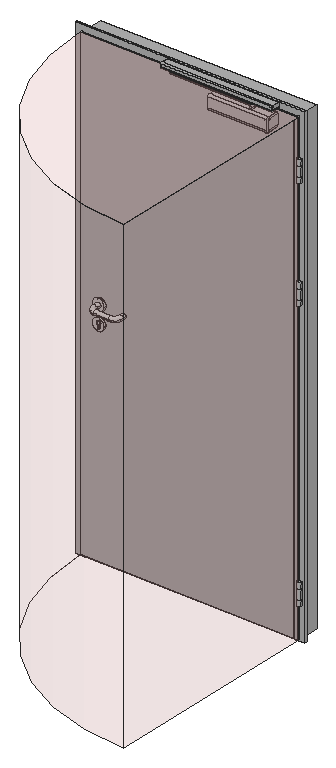
Revit family "ASSA ABLOY - ALPE Sp 30-1, single-leaf, angular frame", category Doors, host Wall, Revit 2021
Family settings
  Host = Wall
  OmniClass Number = 23.30.10.00
  OmniClass Title = Doors
  Always vertical = Yes
  Cut with Voids When Loaded = No
  Shared = No
  Room Calculation Point = No
Parameters (values of type "900 x 2100 (909 x 2106)")
  URL = "https://www.assaabloy.com/pl/pl"
  Type Comments = "Door leaf made of two pressed galvanised steel sheets 1,25mm thick. Filled with mineral wool glued to the sheets with polyurethane adhesive. Door with 3-sided thin rebate."
  Symbol Radius = Door Leaf Width + 9.500 mm  # 994.200 mm
  Rough Width Real = Width Round + Rough Width Conversion + Rough Width Adjustment  # 981.500 mm
  Rough Width Conversion = 81.500 mm  # constant formula
  Rough Width Adjustment = 0.000 mm  # constant formula
  Rough Height Real = Height Round + Rough Height Conversion + Rough Height Adjustment  # 2134.000 mm
  Rough Height Conversion = 34.000 mm  # constant formula
  Rough Height Adjustment = 0.000 mm  # constant formula
  Opening Zone [instance] = yes
  Model = "Doorset_Steel door, NFR or EI30_ASSA ABLOY Opening Solutions_Hardware 3D"
  Hinges Visibility = Height > 1200.000 mm  # yes
  Hinges Material = Default steel
  Handle Height = if(Height < 1300.000 mm, Height - 280.000 mm, 1055.000 mm)  # 1055.000 mm
  HW Item 8 = "1x 206253: Vercy door stopper, max 120 kg_ASSA ABLOY (option)"
  Frame Finish [instance] = ""
  Fire Rating NFR (1) = [Fire Rating - Set Value] = 1  # no
  Fire Rating EI30 (0) = [Fire Rating - Set Value] = 0  # yes
  Fire Rating - Set Value = 0
  Fire Rating = if([Fire Rating NFR (1)], "NFR", if([Fire Rating EI30 (0)], "EI30", "0"))  # "EI30"
  Width Round = roundup((Width / 5.000 mm)) * 5.000 mm  # 900.000 mm
  Thickness = 54.000 mm  # constant formula
  Smoke Rating = "Sa, S200 (optional)"
  Rough Width = Width Round + Rough Width Conversion + Rough Width Adjustment + 8.500 mm  # 990.000 mm
  Rough Height = Height Round + Rough Height Conversion + Rough Height Adjustment + 6.000 mm  # 2140.000 mm
  Readme = "The actual lintel height is consistent with the Rough Height parameter.\r\nThe final HW Set should be consistent with the function of the door and its  parameters.\r\nHardware mounted on door surface may affect the clear passage opening. For verification, please contact the specification department.\r\nFor the corner door frame installed in a steel structure and plasterboard walls, add 3 cm per each leaf to the width of the Rough Width opening."
  Provider = "ASSA ABLOY Opening Solutions"
  Product Group = "Single-Steel"
  Name = "Steel door, NFR or EI30"
  Min Door Width = 280.000 mm
  Min Door Height = 700.000 mm
  Mechanical Strength = 4
  Max Door Width = 1230.000 mm
  Max Door Height = 2500.000 mm
  Manufacturer = "ASSA ABLOY"  # constant formula
  IfcExportType = "USERDEFINED"
  IfcExportAs = "IfcDoorType"
  Height Round = roundup((Height / 5.000 mm)) * 5.000 mm  # 2100.000 mm
  Hardware Set = "2.6PL"
  HW Item 7 = "1x TL0151BS: round rosette PZPZ, stainless steel_ASSA ABLOY"
  HW Item 6 = "1x TL4106SS: U-shape handle set on round rosette, class 4 (EN1906), stainless steel_ASSA ABLOY"
  HW Item 5 = "1x SK6 Radius: euro profile cylinder_IKON"
  HW Item 4 = "1x N1050: One System mechanical mortice lockcase for fire doors_ASSA ABLOY"
  HW Item 3 = "1x A153: mechanical opening damper_ASSA ABLOY (option)"
  HW Item 2 = "1x G195: door closer guide rail_ASSA ABLOY"
  HW Item 1 = "1x DC700/ DC500: door closer, Cam-Motion®_ASSA ABLOY"
  Function = Interior
  Height = 2100.000 mm
  Wall Closure = By host
  Width = 900.000 mm
  Frame Type = "Welded steel corner frame, made of galvanised sheet 1,5mm thick."
  Frame Material = Default steel
  Family name = "2.6_DOORSET_ALPE Sp 30-1_SINGLE-LEAF_CORNER FRAME_ASSA ABLOY PL"
  Environmental Product Declaration (EPD) = "To be confirmed with Provider"  # constant formula
  Environmental Management System = "To be confirmed with Provider"  # constant formula
  Edition number = "1"
  Door Type = "ALPE Sp 30-1"
  Door Material = Default steel
  Door Leaf Width = Width Round + 84.700 mm + Rough Width Adjustment  # 984.700 mm
  Door Finish Push Side [instance] = ""
  Door Finish Pull Side [instance] = ""
  Description = "ALPE Sp 30-1, door leaf made of two pressed galvanised steel sheets 1,25mm thick. Filled with mineral wool glued to the sheets with polyurethane adhesive. Door with 3-sided thin rebate. Stainless steel hinges with 3D regulation. Mechanical durability – class C5 according to PN-EN 16034:2014. Mechanical strength – class 4 according to PN-EN 1192:2001. Welded steel corner frame, made of galvanised sheet 1,5mm thick."
  Date of publishing = ""
  Contact Provider = "https://www.assaabloy.com/pl/pl/solutions/topics/bim-specification/contact"
  Brand = "ASSA ABLOY Mercor Doors Sp. z o. o."  # constant formula
  Author = "www.archispace.pl"
Types (7, lengths in mm): name | Symbol Radius | Rough Width Real | Rough Height Real | Hinges Visibility | Handle Height | Width Round | Rough Width | Rough Height | Height Round | Height | Width | Door Leaf Width
  800 x 2100 (809 x 2106) | 894.200 | 881.500 | 2134.000 | yes | 1055.000 | 800.000 | 890.000 | 2140.000 | 2100.000 | 2100.000 | 800.000 | 884.700
  1000 x 2100 (1009 x 2106) | 1094.200 | 1081.500 | 2134.000 | yes | 1055.000 | 1000.000 | 1090.000 | 2140.000 | 2100.000 | 2100.000 | 1000.000 | 1084.700
  900 x 2100 (909 x 2106) | 994.200 | 981.500 | 2134.000 | yes | 1055.000 | 900.000 | 990.000 | 2140.000 | 2100.000 | 2100.000 | 900.000 | 984.700
  1100 x 2100 (1109 x 2106) | 1194.200 | 1181.500 | 2134.000 | yes | 1055.000 | 1100.000 | 1190.000 | 2140.000 | 2100.000 | 2100.000 | 1100.000 | 1184.700
  1200 x 2100 (1209 x 2106) | 1294.200 | 1281.500 | 2134.000 | yes | 1055.000 | 1200.000 | 1290.000 | 2140.000 | 2100.000 | 2100.000 | 1200.000 | 1284.700
  1230 x 2500 (1239 x 2506) | 1324.200 | 1311.500 | 2534.000 | yes | 1055.000 | 1230.000 | 1320.000 | 2540.000 | 2500.000 | 2500.000 | 1230.000 | 1314.700
  280 x 700 (289 x 706) | 374.200 | 361.500 | 734.000 | no | 420.000 | 280.000 | 370.000 | 740.000 | 700.000 | 700.000 | 280.000 | 364.700
Reference planes
  plane 1: y = 0
  plane 2 "Center (Left/Right)": x = 0
  plane 3: z = 2140
  plane 4 "Exterior": y = 120
  plane 5 "Interior": y = -120
  plane 6: x = -490.75
  plane 7: x = 490.75
  plane 8: z = 2100
  plane 9: y = -60
  plane 10: y = -74
  plane 11: y = -24.5
  plane 12: y = -22
  plane 13: y = -129
  plane 14: x = -473.35
  plane 15: x = 473.35
  plane 16: z = 2116.6
  plane 17: z = 5
  plane 18: y = -137
  plane 19: x = 501.85
  plane 20: x = -495
  plane 21: x = 495
  plane 22: x = -456.75
  plane 23: x = 456.75
  plane 24: z = 2134
  plane 25: z = 1874.5
  plane 26: z = 1898.5
  plane 27: z = 1900
  plane 28: z = 1944
  plane 29: z = 1945.5
  plane 30: z = 1969.5
  plane 31: x = -408.35
  plane 32: z = 1055
  plane 33: z = 1374.5
  plane 34: z = 1398.5
  plane 35: z = 1400
  plane 36: z = 1444
  plane 37: z = 1445.5
  plane 38: z = 1469.5
  plane 39: z = 1422
  plane 40: z = 152.5
  plane 41: z = 176.5
  plane 42: z = 178
  plane 43: z = 222
  plane 44: z = 223.5
  plane 45: z = 247.5
  plane 46: z = 200
Forms (mm)
  Sweep 1, solid, material "Default steel" <- "Frame Material"
    path origin (0, -120, 0) x (1, 0, 0) y (0, 0, 1)
      loop
        line (-490.75, 0) -> (-490.75, 2134) -> (490.75, 2134) -> (490.75, 0)
    profile origin (-490.75, -120, 1067) x (-1, 0, 0) y (0, -1, 0)
      loop
        line (30, 0) -> (30, 9) -> (-12, 9) -> (-12, -60) -> (-21, -60) -> (-21, -46) -> (-34, -46) -> (-34, -98) -> (-8, -98) -> (-8, -95.5) -> (0, -95.5) -> (0, 0) -> (30, 0)
  Sweep 2, solid, material "Default steel" <- "Door Material"
    path origin (-5000, -120, 0) x (1, 0, 0) y (0, 0, 1)
      loop
        line (4526.65, 5) -> (4526.65, 2116.6) -> (5473.35, 2116.6) -> (5473.35, 5)
    profile origin (0, -120, 2116.6) x (0, 0, 1) y (0, -1, 0)
      loop
        line (0, 10) -> (19, 10) -> (19, 12.4) -> (0, 12.4) -> (0, 10)
  Sweep 3, solid, material "Default steel" <- "Door Material"
    path origin (-5000, -120, 0) x (1, 0, 0) y (0, 0, 1)
      loop
        line (5000, 5) -> (5000, 2116.6)
    profile origin (0, -120, 1060.8) x (-1, 0, 0) y (0, -1, 0)
      loop
        line (473.35, -41.6) -> (473.35, 12.4) -> (-473.35, 12.4) -> (-473.35, -41.6) -> (473.35, -41.6)
  Sweep 4, solid, material "Opening zone", visible <- "Opening Zone"
    path origin (-4946, 0, 0) x (-1, 0, 0) y (0, 0, 1)
      loop
        line (-5000, 5) -> (-5000, 2135.6)
    profile origin (54, 0, 1070.3) x (1, 0, 0) y (0, 1, 0)
      loop
        line (447.85, -137) -> (-546.35, -137)
        arc (-546.35, -137) -> (-255.156, -840.006) -> (447.85, -1131.2) r 994.2
        line (447.85, -1131.2) -> (447.85, -137)
  Sweep 5, solid, material "Default steel" <- "Hinges Material", detail levels fine
    path origin (-454.4, -137, 1200) x (-1, 0, 0) y (0, 0, 1)
      loop
        line (-956.25, 698.5) -> (-956.25, 674.5)
    profile origin (501.85, -137, 1886.5) x (0, 1, 0) y (-1, 0, 0)
      loop
        circle (0, 0) r 9.5
  Sweep 6, solid, material "Default steel" <- "Hinges Material", detail levels fine
    path origin (-454.4, -137, 1200) x (-1, 0, 0) y (0, 0, 1)
      loop
        line (-956.25, 769.5) -> (-956.25, 745.5)
    profile origin (501.85, -137, 1957.5) x (0, 1, 0) y (-1, 0, 0)
      loop
        circle (0, 0) r 9.5
  Sweep 7, solid, material "Default steel" <- "Hinges Material", detail levels fine
    path origin (-454.4, -137, 1200) x (-1, 0, 0) y (0, 0, 1)
      loop
        line (-956.25, 744) -> (-956.25, 700)
    profile origin (501.85, -137, 1922) x (0, 1, 0) y (-1, 0, 0)
      loop
        circle (0, 0) r 9.5
  Sweep 8, solid, material "Default steel" <- "Hinges Material", detail levels fine
    path origin (-454.4, -137, 1200) x (-1, 0, 0) y (0, 0, 1)
      loop
        line (-956.25, 745.5) -> (-956.25, 744)
    profile origin (501.85, -137, 1944.75) x (0, 1, 0) y (-1, 0, 0)
      loop
        circle (0, 0) r 6
  Sweep 9, solid, material "Default steel" <- "Hinges Material", detail levels fine
    path origin (-454.4, -137, 1200) x (-1, 0, 0) y (0, 0, 1)
      loop
        line (-956.25, 700) -> (-956.25, 698.5)
    profile origin (501.85, -137, 1899.25) x (0, 1, 0) y (-1, 0, 0)
      loop
        circle (0, 0) r 6
  Sweep 10, solid, material "Default steel" <- "Hinges Material", visible <- "Hinges Visibility", detail levels fine
    path origin (-454.4, -137, 1200) x (-1, 0, 0) y (0, 0, 1)
      loop
        line (-956.25, 198.5) -> (-956.25, 174.5)
    profile origin (501.85, -137, 1386.5) x (0, 1, 0) y (-1, 0, 0)
      loop
        circle (0, 0) r 9.5
  Sweep 11, solid, material "Default steel" <- "Hinges Material", visible <- "Hinges Visibility", detail levels fine
    path origin (-454.4, -137, 1200) x (-1, 0, 0) y (0, 0, 1)
      loop
        line (-956.25, 269.5) -> (-956.25, 245.5)
    profile origin (501.85, -137, 1457.5) x (0, 1, 0) y (-1, 0, 0)
      loop
        circle (0, 0) r 9.5
  Sweep 12, solid, material "Default steel" <- "Hinges Material", visible <- "Hinges Visibility", detail levels fine
    path origin (-454.4, -137, 1200) x (-1, 0, 0) y (0, 0, 1)
      loop
        line (-956.25, 244) -> (-956.25, 200)
    profile origin (501.85, -137, 1422) x (0, 1, 0) y (-1, 0, 0)
      loop
        circle (0, 0) r 9.5
  Sweep 13, solid, material "Default steel" <- "Hinges Material", visible <- "Hinges Visibility", detail levels fine
    path origin (-454.4, -137, 1200) x (-1, 0, 0) y (0, 0, 1)
      loop
        line (-956.25, 245.5) -> (-956.25, 244)
    profile origin (501.85, -137, 1444.75) x (0, 1, 0) y (-1, 0, 0)
      loop
        circle (0, 0) r 6
  Sweep 14, solid, material "Default steel" <- "Hinges Material", visible <- "Hinges Visibility", detail levels fine
    path origin (-454.4, -137, 1200) x (-1, 0, 0) y (0, 0, 1)
      loop
        line (-956.25, 200) -> (-956.25, 198.5)
    profile origin (501.85, -137, 1399.25) x (0, 1, 0) y (-1, 0, 0)
      loop
        circle (0, 0) r 6
  Sweep 15, solid, material "Default steel" <- "Hinges Material", detail levels fine
    path origin (-454.4, -137, 1200) x (-1, 0, 0) y (0, 0, 1)
      loop
        line (-956.25, -1023.5) -> (-956.25, -1047.5)
    profile origin (501.85, -137, 164.5) x (0, 1, 0) y (-1, 0, 0)
      loop
        circle (0, 0) r 9.5
  Sweep 16, solid, material "Default steel" <- "Hinges Material", detail levels fine
    path origin (-454.4, -137, 1200) x (-1, 0, 0) y (0, 0, 1)
      loop
        line (-956.25, -952.5) -> (-956.25, -976.5)
    profile origin (501.85, -137, 235.5) x (0, 1, 0) y (-1, 0, 0)
      loop
        circle (0, 0) r 9.5
  Sweep 17, solid, material "Default steel" <- "Hinges Material", detail levels fine
    path origin (-454.4, -137, 1200) x (-1, 0, 0) y (0, 0, 1)
      loop
        line (-956.25, -978) -> (-956.25, -1022)
    profile origin (501.85, -137, 200) x (0, 1, 0) y (-1, 0, 0)
      loop
        circle (0, 0) r 9.5
  Sweep 18, solid, material "Default steel" <- "Hinges Material", detail levels fine
    path origin (-454.4, -137, 1200) x (-1, 0, 0) y (0, 0, 1)
      loop
        line (-956.25, -976.5) -> (-956.25, -978)
    profile origin (501.85, -137, 222.75) x (0, 1, 0) y (-1, 0, 0)
      loop
        circle (0, 0) r 6
  Sweep 19, solid, material "Default steel" <- "Hinges Material", detail levels fine
    path origin (-454.4, -137, 1200) x (-1, 0, 0) y (0, 0, 1)
      loop
        line (-956.25, -1022) -> (-956.25, -1023.5)
    profile origin (501.85, -137, 177.25) x (0, 1, 0) y (-1, 0, 0)
      loop
        circle (0, 0) r 6
Cuts and joins
  joined: Sweep 2, Sweep 3
Lines and regions (mm)
  Masking region 1, detail levels fine
    outline origin (-1177.682, -300, 2052) x (-1, 0, 0) y (0, -1, 0)
      loop
        line (-720.932, -226) -> (-720.932, -278) -> (-694.932, -278) -> (-694.932, -275.5) -> (-686.932, -275.5) -> (-686.932, -180) -> (-656.932, -180) -> (-656.932, -171) -> (-698.932, -171) -> (-698.932, -240) -> (-707.932, -240) -> (-707.932, -226) -> (-720.932, -226)
      loop
        line (-1634.432, -226) -> (-1647.432, -226) -> (-1647.432, -240) -> (-1656.432, -240) -> (-1656.432, -171) -> (-1698.432, -171) -> (-1698.432, -180) -> (-1668.432, -180) -> (-1668.432, -275.5) -> (-1660.432, -275.5) -> (-1660.432, -278) -> (-1634.432, -278) -> (-1634.432, -226)
  Masking region 2, detail levels medium
    outline origin (-1132.682, -300, 2052) x (-1, 0, 0) y (0, -1, 0)
      loop
        line (-641.932, -278) -> (-641.932, -180) -> (-608.932, -180) -> (-608.932, -171) -> (-675.932, -171) -> (-675.932, -278) -> (-641.932, -278)
      loop
        line (-1623.432, -278) -> (-1589.432, -278) -> (-1589.432, -171) -> (-1653.432, -171) -> (-1653.432, -180) -> (-1623.432, -180) -> (-1623.432, -278)
  Masking region 3, detail levels fine
    outline origin (-1132.682, -300, 2052) x (-1, 0, 0) y (0, -1, 0)
      loop
        circle (-1634.532, -163) r 9.5
  Opening 1
    outline origin (-5000, -120, 0) x (1, 0, 0) y (0, 0, 1)
      loop
        line (4505, 2140) -> (4505, 0) -> (5495, 0) -> (5495, 2140) -> (4505, 2140)
  symbolic lines, style "Elevation Swing"
    curve 1: line (-456.75, -120, 1070) -> (456.75, -120, 2100)
    curve 2: line (-456.75, -120, 1070) -> (456.75, -120, 5)
Text (mm)
  text "Exterior" at (-1376.75, 1099.543, 0), in view "Ref. Level"
  text "Exterior" at (0, 1615.38, 3698.081), in view "Left"
  text "Exterior" at (0, 1036.032, 3874.932), in view "Right"
Dimensions and locks
  "Rough Height": plane 3 to host wall
  equal spacing: host wall, curve 2, plane 3
  host wall to plane 3 = 2140.000 mm
  locked: plane 4 "Exterior" to host wall
  locked: plane 5 "Interior" to host wall
  equal spacing: plane 6, plane 2 "Center (Left/Right)", plane 7
  "Rough Width Real": plane 6 to plane 7
  "Height": plane 8 to level
  locked: plane 13 to plane 5 "Interior" at 9
  locked: plane 5 "Interior" to plane 10 at 46
  locked: plane 9 to plane 10 at 14
  locked: plane 11 to plane 9 at 35.5
  locked: plane 12 to plane 11 at 2.5
  locked: plane 15 to plane 7 at 17.4
  locked: plane 17 to level at 5
  locked: plane 18 to plane 5 "Interior" at 17
  locked: plane 7 to plane 19 at 11.1
  equal spacing: plane 21, plane 2 "Center (Left/Right)", plane 20
  "Rough Width": plane 21 to plane 20
  locked: plane 6 to plane 14 at 17.4
  locked: plane 6 to plane 22 at 34
  locked: plane 23 to plane 7 at 34
  "Rough Height Real": plane 24 to level
  locked: plane 24 to plane 16 at 17.4
  plane 22 to nested 1 = 900.000 mm
  locked: nested 1 to plane 19 at 4.6
  locked: Sweep 2 sketch curve to plane 24 at 1.6
  locked: Sweep 2 sketch curve to Sweep 2 sketch curve at 19
  plane 6 to plane 14 = 17.400 mm
  Sweep 1 to Sweep 1 = 42.000 mm
  plane 27 to plane 26 to plane 25 = 1.500 mm locked, 24.000 mm locked
  locked: plane 28 to plane 27 at 44
  plane 30 to plane 29 to plane 28 = 24.000 mm locked, 1.500 mm locked
  locked: plane 8 to plane 30 at 130.5
  Masking region 1 sketch curve to Masking region 1 sketch curve to Masking region 1 sketch curve = 13.000 mm locked, 9.000 mm locked
  locked: Masking region 1 sketch curve to Masking region 1 sketch curve at 42
  locked: Masking region 1 sketch curve to Masking region 1 sketch curve at 9
  locked: Sweep 1 to Masking region 2 sketch curve at 64
  locked: Masking region 2 sketch curve to Masking region 2 sketch curve at 64
  locked: Sweep 1 sketch curve to Sweep 1 sketch curve at 9
  locked: Masking region 1 sketch curve to Masking region 1 sketch curve at 8
  locked: Sweep 1 to Masking region 1 sketch curve at 26
  locked: plane 13 to Sweep 3 sketch curve at 50.6
  locked: Sweep 1 sketch curve to Sweep 1 sketch curve at 26
  locked: Sweep 2 sketch curve to Sweep 2 sketch curve at 2.4
  locked: plane 13 to Sweep 3 sketch curve at 3.4
  locked: nested 2 to plane 19 at 100
  locked: plane 14 to plane 31 at 65
  "Handle Height": plane 32 to level
  locked: plane 32 to nested 4 at 80
  plane 35 to plane 34 to plane 33 = 1.500 mm locked, 24.000 mm locked
  locked: plane 36 to plane 35 at 44
  plane 38 to plane 37 to plane 36 = 24.000 mm locked, 1.500 mm locked
  locked: plane 36 to plane 39 at 22
  locked: plane 28 to plane 39 at 522
  plane 42 to plane 41 to plane 40 = 1.500 mm locked, 24.000 mm locked
  locked: plane 43 to plane 42 at 44
  plane 45 to plane 44 to plane 43 = 24.000 mm locked, 1.500 mm locked
  locked: plane 43 to plane 46 at 22
  locked: plane 46 to level at 200
  locked: nested 2 to plane 8 at 22.1
  "Symbol Radius": radius of Sweep 4 sketch curve
  aligned and locked: plane 1 to host wall
  aligned and locked: level to Sweep 1 sketch curve  (x2)
  aligned and locked: Sweep 1 sketch curve to plane 6
  aligned and locked: plane 7 to Sweep 1 sketch curve
  aligned and locked: plane 2 "Center (Left/Right)" to Sweep 3 sketch curve
  aligned and locked: plane 5 "Interior" to nested 1
  aligned and locked: Masking region 2 sketch curve to plane 6
  aligned and locked: plane 5 "Interior" to Masking region 2 sketch curve
  aligned and locked: Masking region 2 sketch curve to plane 7
  aligned and locked: Masking region 2 sketch curve to plane 5 "Interior"
  aligned and locked: plane 10 to Masking region 1 sketch curve
  aligned and locked: plane 9 to Masking region 1 sketch curve
  aligned and locked: plane 11 to Masking region 1 sketch curve
  aligned and locked: plane 12 to Masking region 1 sketch curve
  aligned and locked: plane 13 to Masking region 1 sketch curve
  aligned and locked: Masking region 1 sketch curve to plane 13
  aligned and locked: Masking region 1 sketch curve to plane 10
  aligned and locked: Masking region 1 sketch curve to plane 9
  aligned and locked: Masking region 1 sketch curve to plane 11
  aligned and locked: Masking region 1 sketch curve to plane 12
  aligned and locked: Sweep 1 sketch curve to plane 13
  aligned and locked: Sweep 1 sketch curve to plane 10
  aligned and locked: Sweep 1 sketch curve to plane 9
  aligned and locked: plane 11 to Sweep 1 sketch curve
  aligned and locked: plane 12 to Sweep 1 sketch curve
  aligned and locked: plane 13 to Masking region 2 sketch curve
  aligned and locked: Masking region 2 sketch curve to plane 12
  aligned and locked: Masking region 2 sketch curve to plane 13
  aligned and locked: plane 12 to Masking region 2 sketch curve
  aligned and locked: plane 14 to Sweep 2 sketch curve
  aligned and locked: Sweep 2 sketch curve to plane 16
  aligned and locked: plane 15 to Sweep 2 sketch curve
  aligned and locked: plane 16 to Sweep 3 sketch curve
  aligned and locked: plane 15 to Sweep 3 sketch curve
  aligned and locked: plane 14 to Sweep 3 sketch curve
  aligned and locked: plane 18 to Masking region 3 sketch curve
  aligned and locked: plane 19 to Masking region 3 sketch curve
  aligned and locked: level to Opening 1 sketch curve
  aligned and locked: plane 3 to Opening 1 sketch curve
  aligned and locked: plane 20 to Opening 1 sketch curve
  aligned and locked: Opening 1 sketch curve to plane 21
  aligned and locked: Sweep 1 sketch curve to plane 24
  aligned and locked: plane 17 to Sweep 2 sketch curve  (x2)
  aligned and locked: plane 17 to Sweep 3 sketch curve
  aligned and locked: plane 17 to Sweep 4 sketch curve
  aligned and locked: plane 23 to curve 2
  aligned and locked: plane 17 to curve 2
  aligned and locked: plane 23 to curve 1
  aligned and locked: plane 8 to curve 1
  aligned and locked: plane 22 to curve 1
  aligned and locked: Masking region 1 sketch curve to plane 23
  aligned and locked: Sweep 1 sketch curve to plane 22
  aligned and locked: Sweep 4 sketch curve to plane 19
  aligned and locked: plane 18 to Sweep 4 sketch curve
  aligned and locked: cut or joined group of Sweep 2, Sweep 3 to Sweep 4 sketch curve
  aligned and locked: Masking region 1 sketch curve to Sweep 1
  aligned and locked: plane 23 to Masking region 2 sketch curve
  aligned and locked: nested 2 to cut or joined group of Sweep 2, Sweep 3
  aligned and locked: nested 3 to plane 31
  aligned and locked: cut or joined group of Sweep 2, Sweep 3 to nested 3
  aligned and locked: plane 32 to nested 3
  aligned and locked: plane 31 to nested 4
  aligned and locked: nested 4 to cut or joined group of Sweep 2, Sweep 3
  aligned and locked: plane 30 to Sweep 6 sketch curve
  aligned and locked: plane 29 to Sweep 6 sketch curve
  aligned and locked: plane 29 to Sweep 8 sketch curve
  aligned and locked: plane 28 to Sweep 8 sketch curve
  aligned and locked: plane 28 to Sweep 7 sketch curve
  aligned and locked: plane 27 to Sweep 7 sketch curve
  aligned and locked: plane 27 to Sweep 9 sketch curve
  aligned and locked: plane 26 to Sweep 9 sketch curve
  aligned and locked: plane 26 to Sweep 5 sketch curve
  aligned and locked: plane 25 to Sweep 5 sketch curve
  aligned and locked: plane 38 to Sweep 11 sketch curve
  aligned and locked: plane 37 to Sweep 11 sketch curve
  aligned and locked: plane 37 to Sweep 13 sketch curve
  aligned and locked: plane 36 to Sweep 13 sketch curve
  aligned and locked: plane 36 to Sweep 12 sketch curve
  aligned and locked: plane 35 to Sweep 12 sketch curve
  aligned and locked: plane 35 to Sweep 14 sketch curve
  aligned and locked: plane 34 to Sweep 14 sketch curve
  aligned and locked: plane 34 to Sweep 10 sketch curve
  aligned and locked: plane 33 to Sweep 10 sketch curve
  aligned and locked: plane 45 to Sweep 16 sketch curve
  aligned and locked: plane 44 to Sweep 16 sketch curve
  aligned and locked: plane 44 to Sweep 18 sketch curve
  aligned and locked: plane 43 to Sweep 18 sketch curve
  aligned and locked: plane 43 to Sweep 17 sketch curve
  aligned and locked: plane 42 to Sweep 17 sketch curve
  aligned and locked: plane 42 to Sweep 19 sketch curve
  aligned and locked: plane 41 to Sweep 19 sketch curve
  aligned and locked: plane 41 to Sweep 15 sketch curve
  aligned and locked: plane 40 to Sweep 15 sketch curve
Automatic sketch dimensions
  Sweep 1 sketch curve to profile plane = 0.000 mm
  plane 5 "Interior" to Sweep 1 sketch curve = 0.000 mm
  Sweep 1 sketch curve to Sweep 1 sketch curve = 13.000 mm
  Sweep 1 sketch curve to Sweep 1 sketch curve = 30.000 mm
  profile plane to Sweep 2 sketch curve = 10.000 mm
  Masking region 1 sketch curve to plane 7 = 0.000 mm
  Masking region 1 sketch curve to plane 22 = 0.000 mm
  host wall to Masking region 1 sketch curve = 0.000 mm  (x2)
  Masking region 1 sketch curve to plane 6 = 0.000 mm
  Masking region 1 sketch curve to plane 15 = 5.400 mm
  Masking region 2 sketch curve to plane 20 = 28.750 mm
  plane 2 "Center (Left/Right)" to Sweep 4 sketch curve = 54.000 mm
  Sweep 5 sketch curve to Sweep 5 sketch curve = 0.000 mm  (x2)
  Sweep 5 sketch curve to profile plane = 0.000 mm  (x2)
  Sweep 5 sketch curve to Sweep 5 sketch curve = 9.500 mm
  Sweep 6 sketch curve to Sweep 6 sketch curve = 0.000 mm  (x2)
  Sweep 6 sketch curve to profile plane = 0.000 mm  (x2)
  Sweep 6 sketch curve to Sweep 6 sketch curve = 9.500 mm
  Sweep 7 sketch curve to Sweep 7 sketch curve = 0.000 mm  (x2)
  Sweep 7 sketch curve to profile plane = 0.000 mm  (x2)
  Sweep 7 sketch curve to Sweep 7 sketch curve = 9.500 mm
  Sweep 8 sketch curve to Sweep 8 sketch curve = 0.000 mm  (x2)
  Sweep 8 sketch curve to profile plane = 0.000 mm  (x2)
  Sweep 8 sketch curve to Sweep 8 sketch curve = 6.000 mm
  Sweep 9 sketch curve to Sweep 9 sketch curve = 0.000 mm  (x2)
  Sweep 9 sketch curve to profile plane = 0.000 mm  (x2)
  Sweep 9 sketch curve to Sweep 9 sketch curve = 6.000 mm
  Sweep 10 sketch curve to Sweep 10 sketch curve = 0.000 mm  (x2)
  Sweep 10 sketch curve to profile plane = 0.000 mm  (x2)
  Sweep 10 sketch curve to Sweep 10 sketch curve = 9.500 mm
  Sweep 11 sketch curve to Sweep 11 sketch curve = 0.000 mm  (x2)
  Sweep 11 sketch curve to profile plane = 0.000 mm  (x2)
  Sweep 11 sketch curve to Sweep 11 sketch curve = 9.500 mm
  Sweep 12 sketch curve to Sweep 12 sketch curve = 0.000 mm  (x2)
  Sweep 12 sketch curve to profile plane = 0.000 mm  (x2)
  Sweep 12 sketch curve to Sweep 12 sketch curve = 9.500 mm
  Sweep 13 sketch curve to Sweep 13 sketch curve = 0.000 mm  (x2)
  Sweep 13 sketch curve to profile plane = 0.000 mm  (x2)
  Sweep 13 sketch curve to Sweep 13 sketch curve = 6.000 mm
  Sweep 14 sketch curve to Sweep 14 sketch curve = 0.000 mm  (x2)
  Sweep 14 sketch curve to profile plane = 0.000 mm  (x2)
  Sweep 14 sketch curve to Sweep 14 sketch curve = 6.000 mm
  Sweep 15 sketch curve to Sweep 15 sketch curve = 0.000 mm  (x2)
  Sweep 15 sketch curve to profile plane = 0.000 mm  (x2)
  Sweep 15 sketch curve to Sweep 15 sketch curve = 9.500 mm
  Sweep 16 sketch curve to Sweep 16 sketch curve = 0.000 mm  (x2)
  Sweep 16 sketch curve to profile plane = 0.000 mm  (x2)
  Sweep 16 sketch curve to Sweep 16 sketch curve = 9.500 mm
  Sweep 17 sketch curve to Sweep 17 sketch curve = 0.000 mm  (x2)
  Sweep 17 sketch curve to profile plane = 0.000 mm  (x2)
  Sweep 17 sketch curve to Sweep 17 sketch curve = 9.500 mm
  Sweep 18 sketch curve to Sweep 18 sketch curve = 0.000 mm  (x2)
  Sweep 18 sketch curve to profile plane = 0.000 mm  (x2)
  Sweep 18 sketch curve to Sweep 18 sketch curve = 6.000 mm
  Sweep 19 sketch curve to Sweep 19 sketch curve = 0.000 mm  (x2)
  Sweep 19 sketch curve to profile plane = 0.000 mm  (x2)
  Sweep 19 sketch curve to Sweep 19 sketch curve = 6.000 mm
  Sweep 5 sketch curve to plane 7 = 11.100 mm
  Sweep 6 sketch curve to plane 7 = 11.100 mm
  Sweep 7 sketch curve to plane 7 = 11.100 mm
  Sweep 8 sketch curve to plane 7 = 11.100 mm
  Sweep 9 sketch curve to plane 7 = 11.100 mm
  Sweep 10 sketch curve to plane 7 = 11.100 mm
  Sweep 11 sketch curve to plane 7 = 11.100 mm
  Sweep 12 sketch curve to plane 7 = 11.100 mm
  Sweep 13 sketch curve to plane 7 = 11.100 mm
  Sweep 14 sketch curve to plane 7 = 11.100 mm
  Sweep 15 sketch curve to plane 7 = 11.100 mm
  Sweep 16 sketch curve to plane 7 = 11.100 mm
  Sweep 17 sketch curve to plane 7 = 11.100 mm
  Sweep 18 sketch curve to plane 7 = 11.100 mm
  Sweep 19 sketch curve to plane 7 = 11.100 mm
  radius of Masking region 3 sketch curve = 9.500 mm
Nested families
  nested 1: "Detail_Door symbol" at (0, -120, 2052), type "Detail_Door symbol"
  nested 2: "DC700 DC500 Door closer, Cam-Motion_ASSA ABLOY" at (263.85, -132.4, 2090.1) x (-1, 0, 0) z (0, 0, 1), type "DC700 DC500 Door closer, Cam-Motion_ASSA ABLOY", detail levels fine
  nested 3: "TL4106SS U-shape handle set on round rosette, class 4 (EN1906), stainless steel_ASSA ABLOY" at (-408.35, -78.4, 1055) x (-1, 0, 0) z (0, 0, 1), type "TL4106SS U-shape handle set on round rosette, class 4 (EN1906), stainless steel_ASSA ABLOY", detail levels fine
    with Thickness 54.000 mm
  nested 4: "TL0151BS round rosette PZPZ, stainless steel_ASSA ABLOY" at (-408.35, -132.4, 975), type "TL0151BS round rosette PZPZ, stainless steel_ASSA ABLOY", detail levels fine
    with Thickness 54.000 mm
Definition of nested family "DC700 DC500 Door closer, Cam-Motion_ASSA ABLOY"
  Parameters (values of type "DC700 DC500 Door closer, Cam-Motion_ASSA ABLOY")
    Thickness = 16.800 mm
    Door Closer Gap Thickness = 3.400 mm
    Default Elevation = 0.000 mm
  Reference planes
    plane 1 "Center (Front/Back)": y = 0
    plane 2: z = 0
    plane 3 "Center (Left/Right)": x = 0
    plane 4: z = 0
    plane 5: x = -134
    plane 6: x = 134
    plane 7: x = -136
    plane 8: x = 136
    plane 9: x = -138
    plane 10: x = 366
    plane 11: z = 48.2
    plane 12: z = 71.2
    plane 13: z = 32
    plane 14: x = -138.8
    plane 15: x = 136.8
    plane 16: x = -46
    plane 17: z = 40.5
    plane 18: x = 321.5
    plane 19: z = 45.5
    plane 20: y = -23.4
    plane 21: y = 3.4
    plane 22: y = -30
  Forms (mm)
    Sweep 1, solid
      path origin (0, 0, 0) x (1, 0, 0) y (0, 1, 0)
        loop
          line (-134, 0) -> (134, 0)
      profile origin (0, 0, 0) x (0, 1, 0) y (0, 0, 1)
        loop
          line (0, 32) -> (-48, 32)
          arc (-48, 32) -> (-55.071, 29.071) -> (-58, 22) r 10
          line (-58, 22) -> (-58, -22)
          arc (-58, -22) -> (-55.071, -29.071) -> (-48, -32) r 10
          line (-48, -32) -> (0, -32) -> (0, 32)
    SweptBlend 2, solid
      path origin (0, 0, 0) x (1, 0, 0) y (0, 1, 0)
        loop
          line (-134, 0) -> (-136, 0)
      profile origin (-134, 0, 0) x (0, -1, 0) y (0, 0, 1)
        loop
          line (0, 30) -> (0, -30) -> (46.25, -30)
          arc (46.25, -30) -> (52.879, -27.254) -> (55.625, -20.625) r 9.375
          line (55.625, -20.625) -> (55.625, 20.625)
          arc (55.625, 20.625) -> (52.879, 27.254) -> (46.25, 30) r 9.375
          line (46.25, 30) -> (0, 30)
      end profile origin (-136, 0, 0) x (0, -1, 0) y (0, 0, 1)
        loop
          line (0, 23.25) -> (0, -23.25) -> (41.469, -23.25)
          arc (41.469, -23.25) -> (46.606, -21.122) -> (48.734, -15.984) r 7.266
          line (48.734, -15.984) -> (48.734, 15.984)
          arc (48.734, 15.984) -> (46.606, 21.122) -> (41.469, 23.25) r 7.266
          line (41.469, 23.25) -> (0, 23.25)
    SweptBlend 3, solid
      path origin (0, 0, 0) x (-1, 0, 0) y (0, -1, 0)
        loop
          line (-134, 0) -> (-136, 0)
      profile origin (134, 0, 0) x (0, 1, 0) y (0, 0, 1)
        loop
          line (0, 30) -> (-46.25, 30)
          arc (-46.25, 30) -> (-52.879, 27.254) -> (-55.625, 20.625) r 9.375
          line (-55.625, 20.625) -> (-55.625, -20.625)
          arc (-55.625, -20.625) -> (-52.879, -27.254) -> (-46.25, -30) r 9.375
          line (-46.25, -30) -> (0, -30) -> (0, 30)
      end profile origin (136, 0, 0) x (0, 1, 0) y (0, 0, 1)
        loop
          line (0, 23.25) -> (-41.469, 23.25)
          arc (-41.469, 23.25) -> (-46.606, 21.122) -> (-48.734, 15.984) r 7.266
          line (-48.734, 15.984) -> (-48.734, -15.984)
          arc (-48.734, -15.984) -> (-46.606, -21.122) -> (-41.469, -23.25) r 7.266
          line (-41.469, -23.25) -> (0, -23.25) -> (0, 23.25)
    Sweep 4, solid
      path origin (0, 0, 0) x (1, 0, 0) y (0, 0, 1)
        loop
          line (-46, 32) -> (-46, 40.5)
      profile origin (-46, 0, 36.25) x (-1, 0, 0) y (0, -1, 0)
        loop
          circle (0, 30) r 9
    Extrusion 5, solid
      sketch origin (0, -0.8, 0) x (1, 0, 0) y (0, 1, 0)
        loop
          circle (321.5, -22.6) r 9
      from 45.5 to 48.2
    Sweep 6, solid
      path origin (0, 0, 0) x (1, 0, 0) y (0, 1, 0)
        loop
          line (-138, 3.4) -> (366, 3.4)
      profile origin (114, 3.4, 0) x (0, 1, 0) y (0, 0, 1)
        loop
          line (0, 48.2) -> (0, 71.2) -> (-35, 71.2)
          arc (-35, 71.2) -> (-37.828, 70.028) -> (-39, 67.2) r 4
          line (-39, 67.2) -> (-39, 52.2)
          arc (-39, 52.2) -> (-37.828, 49.372) -> (-35, 48.2) r 4
          line (-35, 48.2) -> (0, 48.2)
    SweptBlend 7, solid
      path origin (0, 0, 0) x (1, 0, 0) y (0, 1, 0)
        loop
          line (-138.8, 3.4) -> (-138, 3.4)
      profile origin (-138.8, 3.4, 0) x (0, 1, 0) y (0, 0, 1)
        loop
          line (0, 51.5) -> (0, 67.9) -> (-31.7, 67.9)
          arc (-31.7, 67.9) -> (-32.195, 67.695) -> (-32.4, 67.2) r 0.7
          line (-32.4, 67.2) -> (-32.4, 52.2)
          arc (-32.4, 52.2) -> (-32.195, 51.705) -> (-31.7, 51.5) r 0.7
          line (-31.7, 51.5) -> (0, 51.5)
      end profile origin (-138, 3.4, 0) x (0, 1, 0) y (0, 0, 1)
        loop
          arc (-33.9, 70.1) -> (-36.728, 68.928) -> (-37.9, 66.1) r 4
          line (-37.9, 66.1) -> (-37.9, 53.3)
          arc (-37.9, 53.3) -> (-36.728, 50.472) -> (-33.9, 49.3) r 4
          line (-33.9, 49.3) -> (0, 49.3) -> (0, 70.1) -> (-33.9, 70.1)
    SweptBlend 8, solid
      path origin (0, 0, 0) x (-1, 0, 0) y (0, -1, 0)
        loop
          line (-366.8, -3.4) -> (-366, -3.4)
      profile origin (366.8, 3.4, 0) x (0, -1, 0) y (0, 0, 1)
        loop
          line (0, 51.5) -> (31.7, 51.5)
          arc (31.7, 51.5) -> (32.195, 51.705) -> (32.4, 52.2) r 0.7
          line (32.4, 52.2) -> (32.4, 67.2)
          arc (32.4, 67.2) -> (32.195, 67.695) -> (31.7, 67.9) r 0.7
          line (31.7, 67.9) -> (0, 67.9) -> (0, 51.5)
      end profile origin (366, 3.4, 0) x (0, -1, 0) y (0, 0, 1)
        loop
          line (33.9, 70.1) -> (0, 70.1) -> (0, 49.3) -> (33.9, 49.3)
          arc (33.9, 49.3) -> (36.728, 50.472) -> (37.9, 53.3) r 4
          line (37.9, 53.3) -> (37.9, 66.1)
          arc (37.9, 66.1) -> (36.728, 68.928) -> (33.9, 70.1) r 4
    Sweep 9, solid
      path origin (-57, -30, 1200) x (1, 0, 0) y (0, 0, 1)
        loop
          line (11, -1154.5) -> (11, -1159.5)
      profile origin (-46, -30, 43) x (0, -1, 0) y (1, 0, 0)
        loop
          arc (-8.999, -0.162) -> (0.162, -8.999) -> (8.999, 0.162) r 9
          line (8.999, 0.162) -> (2.399, 367.662)
          arc (2.399, 367.662) -> (-6.762, 376.499) -> (-15.599, 367.338) r 9
          line (-15.599, 367.338) -> (-8.999, -0.162)
  Cuts and joins
    joined: Sweep 1, SweptBlend 2, SweptBlend 3, Sweep 4, Extrusion 5
  Dimensions and locks
    locked: plane 5 to plane 3 "Center (Left/Right)" at 134
    locked: plane 3 "Center (Left/Right)" to plane 6 at 134
    locked: plane 7 to plane 5 at 2
    locked: plane 6 to plane 8 at 2
    locked: plane 7 to plane 9 at 2
    locked: plane 10 to plane 9 at 504
    locked: plane 13 to level at 32
    locked: plane 11 to plane 13 at 16.2
    locked: plane 12 to plane 11 at 23
    locked: plane 9 to plane 14 at 0.8
    locked: plane 15 to plane 8 at 0.8
    locked: plane 16 to plane 5 at 88
    locked: plane 17 to plane 13 at 8.5
    locked: plane 18 to plane 10 at 44.5
    locked: plane 19 to plane 17 at 5
    locked: plane 20 to plane 21 at 26.8
    "Door Closer Gap Thickness": plane 1 "Center (Front/Back)" to plane 21
    locked: SweptBlend 8 sketch curve to SweptBlend 8 sketch curve at 0.8
    locked: plane 22 to plane 1 "Center (Front/Back)" at 30
    Sweep 9 sketch curve to Sweep 9 sketch curve = 18.000 mm
    aligned and locked: level to plane 2
    aligned and locked: plane 5 to Sweep 1 sketch curve
    aligned and locked: plane 6 to Sweep 1 sketch curve
    aligned and locked: plane 7 to SweptBlend 2 sketch curve
    aligned and locked: plane 5 to SweptBlend 2 sketch curve
    aligned and locked: SweptBlend 2 sketch curve to plane 1 "Center (Front/Back)"
    aligned and locked: plane 8 to SweptBlend 3 sketch curve
    aligned and locked: plane 6 to SweptBlend 3 sketch curve
    aligned and locked: plane 1 "Center (Front/Back)" to SweptBlend 3 sketch curve
    aligned and locked: plane 17 to Sweep 4 sketch curve
    aligned and locked: plane 16 to Sweep 4 sketch curve  (x2)
    aligned and locked: plane 13 to Sweep 4 sketch curve
    aligned and locked: plane 11 to Extrusion 5
    aligned and locked: Extrusion 5 to plane 19
    aligned and locked: Sweep 6 sketch curve to plane 21
    aligned and locked: plane 9 to Sweep 6 sketch curve
    aligned and locked: plane 10 to Sweep 6 sketch curve
    aligned and locked: plane 21 to Sweep 6 sketch curve
    aligned and locked: plane 11 to Sweep 6 sketch curve
    aligned and locked: Sweep 6 sketch curve to plane 12
    aligned and locked: SweptBlend 7 sketch curve to plane 21
    aligned and locked: plane 9 to SweptBlend 7 sketch curve
    aligned and locked: plane 14 to SweptBlend 7 sketch curve
    aligned and locked: plane 21 to SweptBlend 7 sketch curve  (x2)
    aligned and locked: plane 10 to SweptBlend 8 sketch curve
    aligned and locked: Sweep 9 sketch curve to plane 16
    aligned and locked: plane 19 to Sweep 9 sketch curve
    aligned and locked: plane 17 to Sweep 9 sketch curve
    aligned and locked: plane 18 to Sweep 9 sketch curve
    aligned and locked: plane 20 to Sweep 9 sketch curve
    aligned and locked: plane 16 to Sweep 9 sketch curve
    aligned and locked: plane 22 to Sweep 9 sketch curve
    aligned and locked: plane 22 to Sweep 4 sketch curve
  Automatic sketch dimensions
    plane 1 "Center (Front/Back)" to Sweep 1 sketch curve = 0.000 mm
    Sweep 1 sketch curve to profile plane = 0.000 mm
    profile plane to Sweep 1 sketch curve = 48.000 mm
    Sweep 1 sketch curve to Sweep 1 sketch curve = 0.000 mm
    Sweep 1 sketch curve to Sweep 1 sketch curve = 10.000 mm
    Sweep 1 sketch curve to level = 32.000 mm
    level to Sweep 1 sketch curve = 22.000 mm
    SweptBlend 2 sketch curve to profile plane = 0.000 mm  (x2)
    SweptBlend 2 sketch curve to level = 30.000 mm
    SweptBlend 2 sketch curve to profile plane = 46.250 mm  (x2)
    SweptBlend 2 sketch curve to SweptBlend 2 sketch curve = 9.375 mm
    level to SweptBlend 2 sketch curve = 20.625 mm
    SweptBlend 2 sketch curve to level = 23.250 mm
    SweptBlend 2 sketch curve to profile plane = 41.469 mm
    level to SweptBlend 2 sketch curve = 23.250 mm
    SweptBlend 2 sketch curve to SweptBlend 2 sketch curve = 0.000 mm
    SweptBlend 2 sketch curve to SweptBlend 2 sketch curve = 7.266 mm
    SweptBlend 3 sketch curve to profile plane = 0.000 mm  (x2)
    profile plane to SweptBlend 3 sketch curve = 46.250 mm  (x2)
    SweptBlend 3 sketch curve to level = 30.000 mm
    SweptBlend 3 sketch curve to SweptBlend 3 sketch curve = 9.375 mm
    level to SweptBlend 3 sketch curve = 20.625 mm
    profile plane to SweptBlend 3 sketch curve = 41.469 mm
    SweptBlend 3 sketch curve to level = 23.250 mm
    SweptBlend 3 sketch curve to SweptBlend 3 sketch curve = 0.000 mm
    SweptBlend 3 sketch curve to SweptBlend 3 sketch curve = 7.266 mm
    level to SweptBlend 3 sketch curve = 15.984 mm
    Extrusion 5 sketch curve to plane 18 = 0.000 mm
    plane 20 to Extrusion 5 sketch curve = 0.000 mm
    profile plane to Sweep 6 sketch curve = 35.000 mm
    Sweep 6 sketch curve to Sweep 6 sketch curve = 0.000 mm
    Sweep 6 sketch curve to Sweep 6 sketch curve = 4.000 mm
    profile plane to SweptBlend 7 sketch curve = 33.900 mm
    SweptBlend 7 sketch curve to SweptBlend 7 sketch curve = 0.000 mm  (x2)
    SweptBlend 7 sketch curve to SweptBlend 7 sketch curve = 4.000 mm
    level to SweptBlend 7 sketch curve = 49.300 mm
    SweptBlend 7 sketch curve to SweptBlend 7 sketch curve = 12.800 mm
    profile plane to SweptBlend 7 sketch curve = 31.700 mm
    SweptBlend 7 sketch curve to SweptBlend 7 sketch curve = 0.700 mm
    level to SweptBlend 7 sketch curve = 51.500 mm
    SweptBlend 7 sketch curve to SweptBlend 7 sketch curve = 15.000 mm
    SweptBlend 8 sketch curve to plane 21 = 0.000 mm
    SweptBlend 8 sketch curve to profile plane = 0.000 mm  (x2)
    SweptBlend 8 sketch curve to SweptBlend 8 sketch curve = 33.900 mm
    SweptBlend 8 sketch curve to SweptBlend 8 sketch curve = 0.000 mm  (x2)
    SweptBlend 8 sketch curve to SweptBlend 8 sketch curve = 4.000 mm
    level to SweptBlend 8 sketch curve = 49.300 mm
    SweptBlend 8 sketch curve to SweptBlend 8 sketch curve = 12.800 mm
    SweptBlend 8 sketch curve to profile plane = 31.700 mm
    SweptBlend 8 sketch curve to SweptBlend 8 sketch curve = 0.700 mm
    level to SweptBlend 8 sketch curve = 51.500 mm
    SweptBlend 8 sketch curve to SweptBlend 8 sketch curve = 15.000 mm
    radius of Sweep 4 sketch curve = 9.000 mm
    radius of Extrusion 5 sketch curve = 9.000 mm
Definition of nested family "TL4106SS U-shape handle set on round rosette, class 4 (EN1906), stainless steel_ASSA ABLOY"
  Parameters (values of type "TL4106SS U-shape handle set on round rosette, class 4 (EN1906), stainless steel_ASSA ABLOY")
    Thickness = 60.000 mm
    Default Elevation = 0.000 mm
  Reference planes
    plane 1 "Center (Front/Back)": y = 0
    plane 2: z = 0
    plane 3 "Center (Left/Right)": x = 0
    plane 4: z = 0
    plane 5: y = 60
    plane 6: y = -8
    plane 7: y = 68
    plane 8: x = -121
    plane 9: y = -57.5
    plane 10: y = 117.5
    plane 11: y = -17
    plane 12: y = 77
  Forms (mm)
    Sweep 1, solid
      path origin (0, 0, 0) x (1, 0, 0) y (0, 1, 0)
        loop
          line (0, 0) -> (0, -8)
      profile origin (0, -4, 0) x (1, 0, 0) y (0, 0, 1)
        loop
          circle (0, 0) r 26.5
    Sweep 2, solid
      path origin (0, 70, 0) x (1, 0, 0) y (0, 1, 0)
        loop
          line (0, -10) -> (0, -2)
      profile origin (0, 64, 0) x (-1, 0, 0) y (0, 0, 1)
        loop
          circle (0, 0) r 26.5
    Sweep 3, solid
      path origin (0, 0, 0) x (1, 0, 0) y (0, 1, 0)
        loop
          line (0, -8) -> (0, -30.5)
          arc (0, -30.5) -> (-7.908, -49.592) -> (-27, -57.5) r 27
          line (-27, -57.5) -> (-94, -57.5)
          arc (-94, -57.5) -> (-113.092, -49.592) -> (-121, -30.5) r 27
          line (-121, -30.5) -> (-121, -17)
      profile origin (0, -19.25, 0) x (1, 0, 0) y (0, 0, 1)
        loop
          circle (0, 0) r 10
    Sweep 4, solid
      path origin (0, 86.5, 0) x (1, 0, 0) y (0, 1, 0)
        loop
          line (0, -18.5) -> (0, 4)
          arc (0, 4) -> (-7.908, 23.092) -> (-27, 31) r 27
          line (-27, 31) -> (-94, 31)
          arc (-94, 31) -> (-113.092, 23.092) -> (-121, 4) r 27
          line (-121, 4) -> (-121, -9.5)
      profile origin (0, 79.25, 0) x (-1, 0, 0) y (0, 0, 1)
        loop
          circle (0, 0) r 10
  Cuts and joins
    joined: Sweep 1, Sweep 3
  Dimensions and locks
    locked: plane 7 to plane 5 at 8
    locked: plane 6 to plane 1 "Center (Front/Back)" at 8
    locked: plane 9 to plane 1 "Center (Front/Back)" at 57.5
    plane 10 to plane 5 = 57.500 mm
    locked: plane 8 to plane 3 "Center (Left/Right)" at 121
    "Thickness": plane 1 "Center (Front/Back)" to plane 5
    locked: plane 11 to plane 9 at 40.5
    locked: plane 10 to plane 12 at 40.5
    aligned and locked: level to plane 2
    aligned and locked: plane 6 to Sweep 3 sketch curve
    aligned and locked: Sweep 3 sketch curve to plane 3 "Center (Left/Right)"
    aligned and locked: plane 9 to Sweep 3 sketch curve
    aligned and locked: plane 8 to Sweep 3 sketch curve
    aligned and locked: plane 11 to Sweep 3 sketch curve
    aligned and locked: Sweep 4 sketch curve to plane 8
    aligned and locked: plane 10 to Sweep 4 sketch curve
    aligned and locked: plane 3 "Center (Left/Right)" to Sweep 4 sketch curve
    aligned and locked: plane 7 to Sweep 4 sketch curve
    aligned and locked: plane 12 to Sweep 4 sketch curve
  Automatic sketch dimensions
    Sweep 1 sketch curve to plane 3 "Center (Left/Right)" = 0.000 mm
    Sweep 1 sketch curve to plane 6 = 0.000 mm
    plane 1 "Center (Front/Back)" to Sweep 1 sketch curve = 0.000 mm
    Sweep 1 sketch curve to level = 0.000 mm
    profile plane to Sweep 1 sketch curve = 0.000 mm
    Sweep 2 sketch curve to plane 3 "Center (Left/Right)" = 0.000 mm
    Sweep 2 sketch curve to plane 5 = 0.000 mm
    Sweep 2 sketch curve to plane 7 = 0.000 mm
    Sweep 2 sketch curve to level = 0.000 mm
    Sweep 2 sketch curve to profile plane = 0.000 mm
    plane 8 to Sweep 3 sketch curve = 27.000 mm
    Sweep 3 sketch curve to plane 11 = 13.500 mm
    Sweep 3 sketch curve to level = 0.000 mm
    profile plane to Sweep 3 sketch curve = 0.000 mm
    plane 8 to Sweep 4 sketch curve = 27.000 mm
    Sweep 4 sketch curve to plane 10 = 27.000 mm
    Sweep 4 sketch curve to level = 0.000 mm
    Sweep 4 sketch curve to profile plane = 0.000 mm
    radius of Sweep 1 sketch curve = 26.500 mm
    radius of Sweep 2 sketch curve = 26.500 mm
    radius of Sweep 3 sketch curve = 10.000 mm
    radius of Sweep 4 sketch curve = 10.000 mm
Definition of nested family "TL0151BS round rosette PZPZ, stainless steel_ASSA ABLOY"
  Parameters (values of type "TL0151BS round rosette PZPZ, stainless steel_ASSA ABLOY")
    Thickness = 60.000 mm
    Default Elevation = 0.000 mm
  Reference planes
    plane 1 "Center (Front/Back)": y = 0
    plane 2: z = 0
    plane 3 "Center (Left/Right)": x = 0
    plane 4: z = 0
    plane 5: y = 60
    plane 6: y = -6.5
    plane 7: y = 66.5
    plane 8: x = -133
  Forms (mm)
    Sweep 1, solid
      path origin (0, 0, 0) x (1, 0, 0) y (0, 1, 0)
        loop
          line (0, 0) -> (0, -6.5)
      profile origin (0, -3.25, 0) x (1, 0, 0) y (0, 0, 1)
        loop
          circle (0, 0) r 26.5
    Sweep 2, solid
      path origin (0, 70, 0) x (1, 0, 0) y (0, 1, 0)
        loop
          line (0, -10) -> (0, -3.5)
      profile origin (0, 63.25, 0) x (-1, 0, 0) y (0, 0, 1)
        loop
          circle (0, 0) r 26.5
    Sweep 3, void
      path origin (0, 0, 0) x (1, 0, 0) y (0, 1, 0)
        loop
          line (0, -6.5) -> (0, 66.5)
      profile origin (0, 30, 0) x (-1, 0, 0) y (0, 0, 1)
        loop
          arc (5.25, 1) -> (0, 16.75) -> (-5.25, 1) r 8.75
          line (-5.25, 1) -> (-5.25, -11.5)
          arc (-5.25, -11.5) -> (0, -16.75) -> (5.25, -11.5) r 5.25
          line (5.25, -11.5) -> (5.25, 1)
        loop
          arc (-4.75, -11.5) -> (0, -16.25) -> (4.75, -11.5) r 4.75
          line (4.75, -11.5) -> (4.75, 1.255)
          arc (4.75, 1.255) -> (0, 16.25) -> (-4.75, 1.255) r 8.25
          line (-4.75, 1.255) -> (-4.75, -11.5)
  Cuts and joins
    Sweep 3 cuts Sweep 1
    Sweep 3 cuts Sweep 2
  Dimensions and locks
    locked: plane 7 to plane 5 at 6.5
    locked: plane 6 to plane 1 "Center (Front/Back)" at 6.5
    "Thickness": plane 1 "Center (Front/Back)" to plane 5
    aligned and locked: level to plane 2
  Automatic sketch dimensions
    Sweep 1 sketch curve to plane 3 "Center (Left/Right)" = 0.000 mm
    Sweep 1 sketch curve to plane 6 = 0.000 mm
    plane 1 "Center (Front/Back)" to Sweep 1 sketch curve = 0.000 mm
    Sweep 2 sketch curve to plane 3 "Center (Left/Right)" = 0.000 mm
    Sweep 2 sketch curve to plane 5 = 0.000 mm
    Sweep 2 sketch curve to plane 7 = 0.000 mm
    Sweep 1 sketch curve to level = 0.000 mm
    profile plane to Sweep 1 sketch curve = 0.000 mm
    Sweep 2 sketch curve to level = 0.000 mm
    Sweep 2 sketch curve to profile plane = 0.000 mm
    Sweep 3 sketch curve to plane 3 "Center (Left/Right)" = 0.000 mm
    Sweep 3 sketch curve to plane 6 = 0.000 mm
    Sweep 3 sketch curve to plane 7 = 0.000 mm
    Sweep 3 sketch curve to Sweep 3 sketch curve = 0.000 mm  (x4)
    Sweep 3 sketch curve to profile plane = 0.000 mm  (x2)
    level to Sweep 3 sketch curve = 1.255 mm
    profile plane to Sweep 3 sketch curve = 4.750 mm
    Sweep 3 sketch curve to Sweep 3 sketch curve = 0.500 mm
    Sweep 3 sketch curve to Sweep 3 sketch curve = 0.255 mm
    Sweep 3 sketch curve to level = 11.500 mm
    level to Sweep 3 sketch curve = 8.000 mm
    radius of Sweep 1 sketch curve = 26.500 mm
    radius of Sweep 2 sketch curve = 26.500 mm
Definition of nested family "Detail_Door symbol"
  Parameters (values of type "Detail_Door symbol")
    Symbol Radius = Door Leaf Width + 9.500 mm  # 994.200 mm
    Rough Width = 981.500 mm
    Door Leaf Width = 984.700 mm
  Reference planes
    plane 1 "Center (Front/Back)": y = 0
    plane 2: z = 0
    plane 3 "Center (Left/Right)": x = 0
    plane 4: x = -490.75
    plane 5: x = 490.75
    plane 6: y = -17
    plane 7: x = 501.75
    plane 8: x = 494.85
    plane 9: x = 497.25
    plane 10: x = 443.25
    plane 11: y = -26.5
    plane 12: y = -45.5
    plane 13: y = -1011.2
    plane 14: y = -992.2
    plane 15: y = -927.2
  Lines and regions (mm)
    Filled region 1, type "Solid Fill - White", in view "Ref. Level", detail levels fine
      outline origin (-28.5, 43.059, 0) x (0, 1, 0) y (-1, 0, 0)
        loop
          line (-69.559, -525.75) -> (-69.559, -523.35) -> (-88.559, -523.35) -> (-88.559, -471.75) -> (-1035.259, -471.75) -> (-1035.259, -523.35) -> (-1054.259, -523.35) -> (-1054.259, -525.75) -> (-69.559, -525.75)
    Filled region 2, type "Solid Fill - White", in view "Ref. Level", detail levels medium
      outline origin (-28.5, 43.059, 0) x (0, 1, 0) y (-1, 0, 0)
        loop
          line (-69.559, -525.75) -> (-69.559, -471.75) -> (-1054.259, -471.75) -> (-1054.259, -525.75) -> (-69.559, -525.75)
    detail lines, in view "Ref. Level"
      curve 1: arc (501.75, -1011.2, 0) -> (-201.256, -720.006, 0) -> (-492.45, -17, 0) r 994.2
    detail lines, in view "Ref. Level", detail levels coarse
      curve 2: line (501.75, -1011.2, 0) -> (501.75, -17, 0)
    detail lines, in view "Ref. Level", detail levels fine
      curve 3: line (544.75, -836.2, 0) -> (544.75, -897.2, 0)
      curve 4: line (524.75, -796.2, 0) -> (514.25, -796.2, 0)
      curve 5: line (514.25, -796.2, 0) -> (514.25, -816.2, 0)
      curve 6: line (514.25, -816.2, 0) -> (524.75, -816.2, 0)
      curve 7: line (524.75, -917.2, 0) -> (505.25, -917.2, 0)
      curve 8: line (505.25, -917.2, 0) -> (505.25, -900.7, 0)
      curve 9: line (505.25, -900.7, 0) -> (497.25, -900.7, 0)
      curve 10: line (564.75, -897.2, 0) -> (564.75, -836.2, 0)
      curve 11: line (524.75, -937.2, 0) -> (505.25, -937.2, 0)
      curve 12: arc (524.75, -937.2, 0) -> (553.034, -925.484, 0) -> (564.75, -897.2, 0) r 40
      curve 13: arc (564.75, -836.2, 0) -> (553.034, -807.916, 0) -> (524.75, -796.2, 0) r 40
      curve 14: arc (524.75, -917.2, 0) -> (538.892, -911.342, 0) -> (544.75, -897.2, 0) r 20
      curve 15: arc (544.75, -836.2, 0) -> (538.892, -822.058, 0) -> (524.75, -816.2, 0) r 20
      curve 16: line (505.25, -937.2, 0) -> (505.25, -953.7, 0)
      curve 17: line (505.25, -953.7, 0) -> (497.25, -953.7, 0)
      curve 18: line (395.75, -836.2, 0) -> (395.75, -897.2, 0)
      curve 19: line (415.75, -796.2, 0) -> (426.25, -796.2, 0)
      curve 20: line (426.25, -796.2, 0) -> (426.25, -816.2, 0)
      curve 21: line (426.25, -816.2, 0) -> (415.75, -816.2, 0)
      curve 22: line (415.75, -917.2, 0) -> (435.25, -917.2, 0)
      curve 23: line (435.25, -917.2, 0) -> (435.25, -900.7, 0)
      curve 24: line (435.25, -900.7, 0) -> (443.25, -900.7, 0)
      curve 25: line (375.75, -897.2, 0) -> (375.75, -836.2, 0)
      curve 26: line (415.75, -937.2, 0) -> (435.25, -937.2, 0)
      curve 27: arc (415.75, -937.2, 0) -> (387.466, -925.484, 0) -> (375.75, -897.2, 0) r 40
      curve 28: arc (375.75, -836.2, 0) -> (387.466, -807.916, 0) -> (415.75, -796.2, 0) r 40
      curve 29: arc (415.75, -917.2, 0) -> (401.608, -911.342, 0) -> (395.75, -897.2, 0) r 20
      curve 30: arc (395.75, -836.2, 0) -> (401.608, -822.058, 0) -> (415.75, -816.2, 0) r 20
      curve 31: line (435.25, -937.2, 0) -> (435.25, -953.7, 0)
      curve 32: line (435.25, -953.7, 0) -> (443.25, -953.7, 0)
  Dimensions and locks
    equal spacing: plane 4, plane 3 "Center (Left/Right)", plane 5
    "Rough Width": plane 4 to plane 5
    locked: plane 5 to plane 7 at 11
    locked: plane 6 to plane 1 "Center (Front/Back)" at 17
    locked: plane 5 to plane 8 at 4.1
    locked: plane 5 to plane 9 at 6.5
    locked: plane 10 to plane 9 at 54
    plane 11 to plane 1 "Center (Front/Back)" = 26.500 mm
    locked: plane 11 to plane 12 at 19
    "Door Leaf Width": plane 11 to plane 13
    locked: plane 14 to plane 13 at 19
    locked: plane 15 to plane 13 at 84
    curve 9 to curve 7 to plane 15 to curve 11 to curve 17 = 16.500 mm locked, 10.000 mm locked, 10.000 mm locked, 16.500 mm locked
    curve 24 to curve 22 to plane 15 to curve 26 to curve 32 = 16.500 mm locked, 10.000 mm locked, 10.000 mm locked, 16.500 mm locked
    "Symbol Radius": radius of curve 1
    aligned and locked: plane 7 to curve 1
    aligned and locked: Filled region 1 sketch curve to plane 9
    aligned and locked: plane 11 to Filled region 1 sketch curve
    aligned and locked: plane 8 to Filled region 1 sketch curve  (x2)
    aligned and locked: plane 12 to Filled region 1 sketch curve
    aligned and locked: Filled region 1 sketch curve to plane 10
    aligned and locked: Filled region 1 sketch curve to plane 13
    aligned and locked: Filled region 1 sketch curve to plane 14
    aligned and locked: plane 11 to Filled region 2 sketch curve
    aligned and locked: Filled region 2 sketch curve to plane 9
    aligned and locked: Filled region 2 sketch curve to plane 10
    aligned and locked: Filled region 2 sketch curve to plane 13
    aligned and locked: plane 6 to curve 2
    aligned and locked: curve 2 to plane 7
    aligned and locked: plane 6 to curve 1
  Automatic sketch dimensions
    curve 12 to curve 14 = 0.000 mm  (x2)
    curve 13 to curve 15 = 0.000 mm  (x2)
    curve 27 to curve 29 = 0.000 mm  (x2)
    curve 28 to curve 30 = 0.000 mm  (x2)
    curve 24 to plane 10 = 0.000 mm
    curve 32 to plane 10 = 0.000 mm
    curve 17 to plane 9 = 0.000 mm
    curve 9 to plane 9 = 0.000 mm
    curve 25 to plane 10 = 67.500 mm
    curve 22 to plane 10 = 27.500 mm
    curve 18 to curve 30 = 20.000 mm
    curve 28 to curve 20 = 10.500 mm
    curve 31 to plane 10 = 8.000 mm
    curve 23 to plane 10 = 8.000 mm
    curve 17 to plane 7 = 3.500 mm
    curve 7 to plane 7 = 3.500 mm
    curve 4 to plane 7 = 12.500 mm
    curve 8 to curve 12 = 19.500 mm
    curve 5 to curve 13 = 10.500 mm
    curve 14 to curve 3 = 20.000 mm
    curve 27 to curve 30 = 61.000 mm
    curve 10 to curve 10 = 61.000 mm
